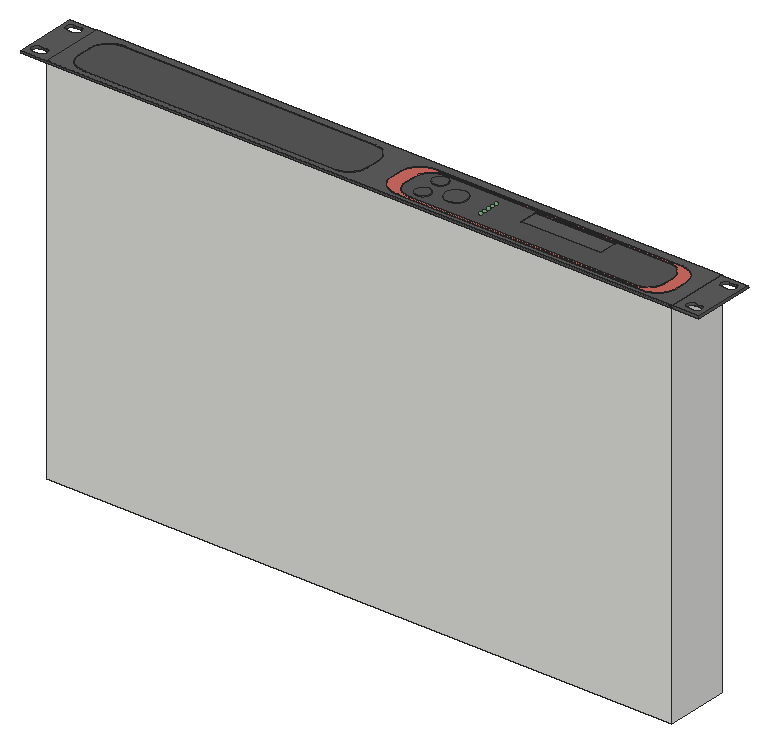
Revit family "Electronics_Fixed-Audio-DSP_Biamp_Tesira_TesiraFORTE_AVB-CI__", category Communication Devices, host Face, Revit 2020
Family settings
  Host = Face
  Maintain Annotation Orientation = No
  Round Connector Dimension = Use Diameter
  Part Type = Normal
  OmniClass Number = 23.85.10.11.11
  OmniClass Title = Sound and Signal Devices
  Cut with Voids When Loaded = No
  Shared = No
  Room Calculation Point = No
Parameters (values of type "AVB CI")
  Width = 19.00"  # constant formula
  Weight = 8.00 lbf  # constant formula
  Voltage = 120 V
  URL = "https://www.biamp.com/"
  Type 2 = yes
  Temperature Range = "32 - 104° F (0 - 40° C)"  # constant formula
  THD+N = "0dB gain, +4dBu input: < 0.006%; 54dB gain, -50dBu input: < 0.040%"  # constant formula
  Sampling Rate = "48kHz\r"  # constant formula
  Sample Rate = "USB 48kHz"  # constant formula
  Product data url = "https://www.bimobject.com/biamp/product/tesiraforte-avb-ci_fixed-audio-dsp"
  Product Page URL = "https://www.biamp.com/products/tesira-fixed-audio-dsp#tesiraforte-avb-ci"
  Product Documentation Link = "https://downloads.biamp.com/assets/docs/default-source/data-sheets/biamp_data_sheet_tesiraforte_avb_ci.pdf"
  Power Factor = 1
  Phantom Power = "+48VDC (7mA/input)\r"  # constant formula
  Output Impedance = "207 ohm"  # constant formula
  Number of Poles = 1
  Number of Channels = "up to 8"  # constant formula
  Maximum Output = "+24dBu, +18dBu, +12dBu, +6dBu, 0dBu, -31dBu"  # constant formula
  Maximum Input = "+24dBu"  # constant formula
  Max Power Consumption = 35 W
  Input Impedance = "8 kohm"  # constant formula
  Input Gain Range = "0-66dB"  # constant formula
  Humidity = "0-98% relative humidity (non-condensing)"  # constant formula
  Housing Material = Biamp - Metal - Silver
  Height = 1.75"  # constant formula
  Frequency Response = "20Hz to 20kHz, +4dBu output: +0.25 dB/-0.5 dB"  # constant formula
  EIN = "no weighting, 22Hz to 22kHz: < -125dBu"  # constant formula
  Dynamic Range = "22Hz to 22kHz, 0dB gain: > 108dB\r"  # constant formula
  Depth = 10.50"  # constant formula
  DAN/AVB = yes
  VoIP+Telephone Line = no
  Type1 = yes
  Model = "TesiraFORTÉ AVB CI"  # constant formula
  Manufacturer = "Biamp"  # constant formula
  Description = "TesiraFORTÉ® AVB CI Fixed I/O DSP"  # constant formula
  Default Elevation = 48.00"
  Cross Talk = "0dB gain, +4dBu input: < -85dB; 54dB gain, -50dBu input: < -75dB"  # constant formula
  Connector Description = "100-240VAC 50/60Hz"
  Compliance = "FCC Part 15B (USA), CE marked (Europe), UL und C-UL listed (USA and Canada), RCM (Australia), RoHS Directive (Europe)"  # constant formula
  Bit Depth = "16- or 24-bit"  # constant formula
  Assembly Code = ""
  Apparent Load = Max Power Consumption / Power Factor  # 35 VA
  Altitude = "0-6,600 ft (0-2000m) MSL"  # constant formula
  A/D - D/A Converters = "24-bit"  # constant formula
Reference planes (in)
  plane 1 "Center (Front/Back)": y = 0
  plane 2: z = 0
  plane 3 "Center (Left/Right)": x = 0
  plane 4: x = 18.35304
  plane 5: y = 0.60831
  plane 6: y = -0.59466
  plane 7: y = -0.86817
  plane 8: y = 0.88183
  plane 9: x = 18.67652
  plane 10: x = -0.32348
Forms (in)
  Extrusion 1, solid, material "Biamp - Plastic - Red", detail levels medium+fine
    sketch origin (9.17652, -0.86817, -5.18699) x (1, 0, 0) y (0, 1, 0)
      loop
        arc (0.91084, 1.51843) -> (0.52967, 1.36054) -> (0.37178, 0.97937) r 0.53906
        line (0.37178, 0.97937) -> (0.37178, 0.67022)
        arc (0.37178, 0.67022) -> (0.52998, 0.28829) -> (0.91192, 0.13009) r 0.54014
        line (0.91192, 0.13009) -> (7.81996, 0.13009)
        arc (7.81996, 0.13009) -> (8.20114, 0.28798) -> (8.35902, 0.66915) r 0.53906
        line (8.35902, 0.66915) -> (8.35902, 0.97937)
        arc (8.35902, 0.97937) -> (8.20114, 1.36054) -> (7.81996, 1.51843) r 0.53906
        line (7.81996, 1.51843) -> (0.91084, 1.51843)
      loop
        line (1.22622, 0.20126) -> (7.54738, 0.20126)
        arc (7.54738, 0.20126) -> (7.87547, 0.33716) -> (8.01138, 0.66526) r 0.464
        line (8.01138, 0.66526) -> (8.01138, 0.95126)
        arc (8.01138, 0.95126) -> (7.86493, 1.30482) -> (7.51138, 1.45126) r 0.5
        line (7.51138, 1.45126) -> (1.22622, 1.45126)
        arc (1.22622, 1.45126) -> (0.89753, 1.31511) -> (0.76138, 0.98642) r 0.46484
        line (0.76138, 0.98642) -> (0.76138, 0.66611)
        arc (0.76138, 0.66611) -> (0.89753, 0.33741) -> (1.22622, 0.20126) r 0.46484
    from 5.24135 to 5.25
  Extrusion 2, solid, material "Biamp - Metal - Black"
    sketch origin (9.17652, -0.86817, -5.18699) x (1, 0, 0) y (0, 1, 0)
      loop
        line (-9.5, 1.75) -> (-9.5, 0) -> (9.5, 0) -> (9.5, 1.75) -> (-9.5, 1.75)
    from 5.18699 to 5.24135
  Extrusion 3, void, detail levels medium+fine
    sketch origin (9.17652, -0.86817, -5.18699) x (1, 0, 0) y (0, 1, 0)
      loop
        arc (9.0994, 1.61097) -> (8.96492, 1.47649) -> (9.0994, 1.342) r 0.13448
        line (9.0994, 1.342) -> (9.25364, 1.342)
        arc (9.25364, 1.342) -> (9.38812, 1.47649) -> (9.25364, 1.61097) r 0.13448
        line (9.25364, 1.61097) -> (9.0994, 1.61097)
      loop
        arc (9.0994, 0.408) -> (8.96492, 0.27351) -> (9.0994, 0.13903) r 0.13448
        line (9.0994, 0.13903) -> (9.25364, 0.13903)
        arc (9.25364, 0.13903) -> (9.38812, 0.27351) -> (9.25364, 0.408) r 0.13448
        line (9.25364, 0.408) -> (9.0994, 0.408)
      loop
        arc (-9.25364, 1.61097) -> (-9.38812, 1.47649) -> (-9.25364, 1.342) r 0.13448
        line (-9.25364, 1.342) -> (-9.0994, 1.342)
        arc (-9.0994, 1.342) -> (-8.96492, 1.47649) -> (-9.0994, 1.61097) r 0.13448
        line (-9.0994, 1.61097) -> (-9.25364, 1.61097)
      loop
        arc (-9.25364, 0.408) -> (-9.38812, 0.27351) -> (-9.25364, 0.13903) r 0.13448
        line (-9.25364, 0.13903) -> (-9.0994, 0.13903)
        arc (-9.0994, 0.13903) -> (-8.96492, 0.27351) -> (-9.0994, 0.408) r 0.13448
        line (-9.0994, 0.408) -> (-9.25364, 0.408)
    from 5.18699 to 5.24135
  Extrusion 4, solid, material "Biamp - Glass - Gray", detail levels medium+fine
    sketch origin (9.17652, -0.86817, -5.18699) x (1, 0, 0) y (0, 1, 0)
      loop
        line (3.83453, 0.85955) -> (6.08453, 0.85955) -> (6.08453, 1.3833) -> (3.83453, 1.3833) -> (3.83453, 0.85955)
    from 5.24135 to 5.25
  Extrusion 5, solid, material "Biamp - Plastic - Black", detail levels medium+fine
    sketch origin (9.17652, -0.86817, -5.18699) x (1, 0, 0) y (0, 1, 0)
      loop
        arc (1.22622, 1.45126) -> (0.89753, 1.31511) -> (0.76138, 0.98642) r 0.46484
        line (0.76138, 0.98642) -> (0.76138, 0.66611)
        arc (0.76138, 0.66611) -> (0.89753, 0.33741) -> (1.22622, 0.20126) r 0.46484
        line (1.22622, 0.20126) -> (7.54738, 0.20126)
        arc (7.54738, 0.20126) -> (7.87547, 0.33716) -> (8.01138, 0.66526) r 0.464
        line (8.01138, 0.66526) -> (8.01138, 0.95126)
        arc (8.01138, 0.95126) -> (7.86493, 1.30482) -> (7.51138, 1.45126) r 0.5
        line (7.51138, 1.45126) -> (1.22622, 1.45126)
      loop
        line (3.83453, 0.85955) -> (6.08453, 0.85955) -> (6.08453, 1.3833) -> (3.83453, 1.3833) -> (3.83453, 0.85955)
    from 5.24135 to 5.24805
  Extrusion 6, solid, material "Biamp - Metal - Black", detail levels medium+fine
    sketch origin (9.17652, -0.86817, -5.18699) x (1, 0, 0) y (0, 1, 0)
      loop
        line (-8.75742, 1.75) -> (-8.75742, 0) -> (8.75742, 0) -> (8.75742, 1.75) -> (-8.75742, 1.75)
      loop
        line (8.35902, 0.66915) -> (8.35902, 0.97937)
        arc (8.35902, 0.97937) -> (8.20114, 1.36054) -> (7.81996, 1.51843) r 0.53906
        line (7.81996, 1.51843) -> (0.91084, 1.51843)
        arc (0.91084, 1.51843) -> (0.52967, 1.36054) -> (0.37178, 0.97937) r 0.53906
        line (0.37178, 0.97937) -> (0.37178, 0.67022)
        arc (0.37178, 0.67022) -> (0.52998, 0.28829) -> (0.91192, 0.13009) r 0.54014
        line (0.91192, 0.13009) -> (7.81996, 0.13009)
        arc (7.81996, 0.13009) -> (8.20114, 0.28798) -> (8.35902, 0.66915) r 0.53906
      loop
        line (-0.80003, 1.5425) -> (-7.86956, 1.5425)
        arc (-7.86956, 1.5425) -> (-8.22311, 1.39606) -> (-8.36956, 1.0425) r 0.5
        line (-8.36956, 1.0425) -> (-8.36956, 0.64195)
        arc (-8.36956, 0.64195) -> (-8.22311, 0.2884) -> (-7.86956, 0.14195) r 0.5
        line (-7.86956, 0.14195) -> (-0.80003, 0.14195)
        arc (-0.80003, 0.14195) -> (-0.44647, 0.2884) -> (-0.30003, 0.64195) r 0.5
        line (-0.30003, 0.64195) -> (-0.30003, 1.0425)
        arc (-0.30003, 1.0425) -> (-0.44647, 1.39606) -> (-0.80003, 1.5425) r 0.5
    from 5.24135 to 5.25
  Extrusion 7, solid, material "Biamp - Plastic - Black(Grid)", detail levels medium+fine
    sketch origin (9.17652, -0.86817, -5.18699) x (1, 0, 0) y (0, 1, 0)
      loop
        arc (-7.86956, 1.5425) -> (-8.22311, 1.39606) -> (-8.36956, 1.0425) r 0.5
        line (-8.36956, 1.0425) -> (-8.36956, 0.64195)
        arc (-8.36956, 0.64195) -> (-8.22311, 0.2884) -> (-7.86956, 0.14195) r 0.5
        line (-7.86956, 0.14195) -> (-0.80003, 0.14195)
        arc (-0.80003, 0.14195) -> (-0.44647, 0.2884) -> (-0.30003, 0.64195) r 0.5
        line (-0.30003, 0.64195) -> (-0.30003, 1.0425)
        arc (-0.30003, 1.0425) -> (-0.44647, 1.39606) -> (-0.80003, 1.5425) r 0.5
        line (-0.80003, 1.5425) -> (-7.86956, 1.5425)
    from 5.24135 to 5.25
  Extrusion 8, solid, material "Biamp - Metal - Silver" <- "Housing Material"
    sketch origin (9.17652, -0.86817, -5.18699) x (1, 0, 0) y (0, 0, -1)
      loop
        line (-8.75742, 5.25) -> (-8.75742, -5.18699) -> (8.75742, -5.18699) -> (8.75742, 5.25) -> (-8.75742, 5.25)
    from 0 to 1.75
  Extrusion 9, solid, material "Biamp - Metal - Silver" <- "Housing Material", visible <- "Type1"
    sketch origin (9.17652, -0.86817, -5.18699) x (1, 0, 0) y (0, 1, 0)
      loop
        line (6.99083, 1.52401) -> (6.99083, 0.59433) -> (8.24083, 0.59433) -> (8.24083, 1.52401) -> (6.99083, 1.52401)
      loop
        line (6.26249, 0.22588) -> (6.26249, 0.78659) -> (5.55775, 0.78659) -> (5.55775, 0.22588) -> (6.26249, 0.22588)
      loop
        line (3.15045, 0.26348) -> (3.23229, 0.72758) -> (2.37912, 0.72758) -> (2.46096, 0.26348) -> (3.15045, 0.26348)
      loop
        line (1.96267, 0.22749) -> (1.96267, 0.70184) -> (1.42474, 0.70184) -> (1.42474, 0.22749) -> (1.96267, 0.22749)
      loop
        line (0.16865, 0.53988) -> (-0.7835, 0.53988) -> (-0.7835, 0.22373) -> (0.16865, 0.22373) -> (0.16865, 0.53988)
      loop
        line (-4.9886, 1.33802) -> (-5.65288, 1.33802) -> (-5.65288, 0.88089) -> (-4.9886, 0.88089) -> (-4.9886, 1.33802)
      loop
        line (-5.96289, 1.33802) -> (-6.62717, 1.33802) -> (-6.62717, 0.88089) -> (-5.96289, 0.88089) -> (-5.96289, 1.33802)
      loop
        line (-6.93718, 1.33802) -> (-7.60145, 1.33802) -> (-7.60145, 0.88089) -> (-6.93718, 0.88089) -> (-6.93718, 1.33802)
      loop
        line (-7.91147, 1.33802) -> (-8.57574, 1.33802) -> (-8.57574, 0.88089) -> (-7.91147, 0.88089) -> (-7.91147, 1.33802)
      loop
        line (-5.65288, 0.68086) -> (-5.65288, 0.22373) -> (-4.9886, 0.22373) -> (-4.9886, 0.68086) -> (-5.65288, 0.68086)
      loop
        line (-5.96289, 0.68086) -> (-6.62717, 0.68086) -> (-6.62717, 0.22373) -> (-5.96289, 0.22373) -> (-5.96289, 0.68086)
      loop
        line (-6.93718, 0.22373) -> (-6.93718, 0.68086) -> (-7.60145, 0.68086) -> (-7.60145, 0.22373) -> (-6.93718, 0.22373)
      loop
        line (-7.91147, 0.22373) -> (-7.91147, 0.68086) -> (-8.57574, 0.68086) -> (-8.57574, 0.22373) -> (-7.91147, 0.22373)
    from -5.26366 to -5.25
  Extrusion 10, solid, material "Biamp - Metal - Silver" <- "Housing Material", visible <- "DAN/AVB"
    sketch origin (9.17652, -0.86817, -5.18699) x (1, 0, 0) y (0, 1, 0)
      loop
        line (5.02811, 0.22588) -> (5.02811, 0.78659) -> (4.32337, 0.78659) -> (4.32337, 0.22588) -> (5.02811, 0.22588)
    from -5.26366 to -5.25
  Extrusion 11, solid, material "Biamp - Metal - Silver" <- "Housing Material", visible <- "Type 2"
    sketch origin (9.17652, -0.86817, -5.18699) x (1, 0, 0) y (0, 1, 0)
      loop
        line (2.80571, 1.33802) -> (2.14143, 1.33802) -> (2.14143, 0.88089) -> (2.80571, 0.88089) -> (2.80571, 1.33802)
      loop
        line (1.83142, 1.33802) -> (1.16714, 1.33802) -> (1.16714, 0.88089) -> (1.83142, 0.88089) -> (1.83142, 1.33802)
      loop
        line (0.85713, 0.88089) -> (0.85713, 1.33802) -> (0.19286, 1.33802) -> (0.19286, 0.88089) -> (0.85713, 0.88089)
      loop
        line (-0.11716, 1.33802) -> (-0.78143, 1.33802) -> (-0.78143, 0.88089) -> (-0.11716, 0.88089) -> (-0.11716, 1.33802)
      loop
        line (-1.09145, 1.33802) -> (-1.75572, 1.33802) -> (-1.75572, 0.88089) -> (-1.09145, 0.88089) -> (-1.09145, 1.33802)
      loop
        line (-2.06574, 0.88089) -> (-2.06574, 1.33802) -> (-2.73001, 1.33802) -> (-2.73001, 0.88089) -> (-2.06574, 0.88089)
      loop
        line (-3.04003, 0.88089) -> (-3.04003, 1.33802) -> (-3.7043, 1.33802) -> (-3.7043, 0.88089) -> (-3.04003, 0.88089)
      loop
        line (-3.04003, 0.68086) -> (-3.7043, 0.68086) -> (-3.7043, 0.22373) -> (-3.04003, 0.22373) -> (-3.04003, 0.68086)
      loop
        line (-4.01432, 0.22373) -> (-4.01432, 0.68086) -> (-4.67859, 0.68086) -> (-4.67859, 0.22373) -> (-4.01432, 0.22373)
      loop
        line (-4.67859, 0.88089) -> (-4.01432, 0.88089) -> (-4.01432, 1.33802) -> (-4.67859, 1.33802) -> (-4.67859, 0.88089)
      loop
        line (-2.73001, 0.68086) -> (-2.73001, 0.22373) -> (-2.06574, 0.22373) -> (-2.06574, 0.68086) -> (-2.73001, 0.68086)
      loop
        line (-1.75572, 0.68086) -> (-1.75572, 0.22373) -> (-1.09145, 0.22373) -> (-1.09145, 0.68086) -> (-1.75572, 0.68086)
    from -5.26366 to -5.25
  Extrusion 12, solid, material "Biamp - Plastic - Black", detail levels fine
    sketch origin (0, 0, 0) x (1, 0, 0) y (0, 1, 0)
      loop
        circle (10.50753, 0.30721) r 0.2
      loop
        circle (10.50753, -0.30721) r 0.2
      loop
        circle (11.19836, 0) r 0.29
    from 0 to 0.06301
  Revolve 13, solid, material "Biamp - Plastic - Green", detail levels fine
    sketch origin (12.10249, -1.02037, -5.09642) x (0, 1, 0) y (0, 0, 1)
      loop
        arc (1.33717, 5.15748) -> (1.29771, 5.19694) -> (1.25824, 5.15748) r 0.03946
        line (1.25824, 5.15748) -> (1.33717, 5.15748)
      loop
        arc (1.19785, 5.15748) -> (1.15839, 5.19694) -> (1.11892, 5.15748) r 0.03946
        line (1.11892, 5.15748) -> (1.19785, 5.15748)
      loop
        arc (1.05983, 5.15748) -> (1.02037, 5.19694) -> (0.9809, 5.15748) r 0.03946
        line (0.9809, 5.15748) -> (1.05983, 5.15748)
      loop
        arc (0.92095, 5.15748) -> (0.88149, 5.19694) -> (0.84202, 5.15748) r 0.03946
        line (0.84202, 5.15748) -> (0.92095, 5.15748)
      loop
        arc (0.78497, 5.15748) -> (0.7455, 5.19694) -> (0.70604, 5.15748) r 0.03946
        line (0.70604, 5.15748) -> (0.78497, 5.15748)
      axis (1.33717, 5.15748) -> (0.70604, 5.15748)
    angle from 270 to 450
Cuts and joins
  Extrusion 3 cuts Extrusion 2
Lines and regions (in)
  Masking region 1
    outline origin (0, 0, 0) x (1, 0, 0) y (0, 0, 1)
      loop
        line (-0.32348, 0) -> (0.4191, 0) -> (0.4191, -10.43699) -> (17.93394, -10.43699) -> (17.93394, 0) -> (18.67652, 0) -> (18.67652, 0.06301) -> (-0.32348, 0.06301) -> (-0.32348, 0)
  symbolic lines
    curve 1: line (-0.32348, 0, 0) -> (18.67652, 0, 0)
Dimensions and locks (in)
  aligned and locked: plane 2 to host face
  aligned and locked: level to host face
Connectors (in)
  electrical at (16.79235, 0.191, -10.45064), driven by "Number of Poles", driven by "Voltage", driven by "Apparent Load", driven by "Power Factor", driven by "Connector Description"
    settings: on Extrusion 9, index 1, voltage 120 V, apparent load 0 VA, apparent load phase1 35 VA, apparent load phase2 0 VA, apparent load phase3 0 VA, power factor 1, load classification "Other", number of poles 1, system type 31, power factor state 1, is connector primary yes, connector utility no, sub classification motor no, connector description "100-240VAC 50/60Hz"
  electrical at (15.08664, -0.36194, -10.45064)
    settings: on Extrusion 9, index 2, voltage 0 V, apparent load 0 VA, apparent load phase1 0 VA, apparent load phase2 0 VA, apparent load phase3 0 VA, power factor 1, load classification "Other", number of poles 1, system type 5, power factor state 1, is connector primary no, connector utility no, sub classification motor no, connector description "RJ-45; Network control connector"
  electrical at (13.85226, -0.36194, -10.45064)
    settings: on Extrusion 10, index 3, voltage 0 V, apparent load 0 VA, apparent load phase1 0 VA, apparent load phase2 0 VA, apparent load phase3 0 VA, power factor 1, load classification "Other", number of poles 1, system type 5, power factor state 1, is connector primary no, connector utility no, sub classification motor no, connector description "RJ-45; AVB"
  electrical at (11.98222, -0.37264, -10.45064)
    settings: on Extrusion 9, index 4, voltage 0 V, apparent load 0 VA, apparent load phase1 0 VA, apparent load phase2 0 VA, apparent load phase3 0 VA, power factor 1, load classification "Other", number of poles 1, system type 5, power factor state 1, is connector primary no, connector utility no, sub classification motor no, connector description "RS-232; Serial Port"
  electrical at (11.65009, 0.24129, -10.45064)
    settings: on Extrusion 11, index 5, voltage 0 V, apparent load 0 VA, apparent load phase1 0 VA, apparent load phase2 0 VA, apparent load phase3 0 VA, power factor 1, load classification "Other", number of poles 1, system type 5, power factor state 1, is connector primary no, connector utility no, sub classification motor no, connector description "Analog Input"
  electrical at (10.6758, 0.24129, -10.45064)
    settings: on Extrusion 11, index 6, voltage 0 V, apparent load 0 VA, apparent load phase1 0 VA, apparent load phase2 0 VA, apparent load phase3 0 VA, power factor 1, load classification "Other", number of poles 1, system type 5, power factor state 1, is connector primary no, connector utility no, sub classification motor no, connector description "Analog Input"
  electrical at (9.70151, 0.24129, -10.45064)
    settings: on Extrusion 11, index 7, voltage 0 V, apparent load 0 VA, apparent load phase1 0 VA, apparent load phase2 0 VA, apparent load phase3 0 VA, power factor 1, load classification "Other", number of poles 1, system type 5, power factor state 1, is connector primary no, connector utility no, sub classification motor no, connector description "Analog Input"
  electrical at (8.72722, 0.24129, -10.45064)
    settings: on Extrusion 11, index 8, voltage 0 V, apparent load 0 VA, apparent load phase1 0 VA, apparent load phase2 0 VA, apparent load phase3 0 VA, power factor 1, load classification "Other", number of poles 1, system type 5, power factor state 1, is connector primary no, connector utility no, sub classification motor no, connector description "Analog Input"
  electrical at (7.75293, 0.24129, -10.45064)
    settings: on Extrusion 11, index 9, voltage 0 V, apparent load 0 VA, apparent load phase1 0 VA, apparent load phase2 0 VA, apparent load phase3 0 VA, power factor 1, load classification "Other", number of poles 1, system type 5, power factor state 1, is connector primary no, connector utility no, sub classification motor no, connector description "Analog Input"
  electrical at (6.77864, 0.24129, -10.45064)
    settings: on Extrusion 11, index 10, voltage 0 V, apparent load 0 VA, apparent load phase1 0 VA, apparent load phase2 0 VA, apparent load phase3 0 VA, power factor 1, load classification "Other", number of poles 1, system type 5, power factor state 1, is connector primary no, connector utility no, sub classification motor no, connector description "Analog Input"
  electrical at (5.80436, 0.24129, -10.45064)
    settings: on Extrusion 11, index 11, voltage 0 V, apparent load 0 VA, apparent load phase1 0 VA, apparent load phase2 0 VA, apparent load phase3 0 VA, power factor 1, load classification "Other", number of poles 1, system type 5, power factor state 1, is connector primary no, connector utility no, sub classification motor no, connector description "Analog Input"
  electrical at (4.83007, 0.24129, -10.45064)
    settings: on Extrusion 11, index 12, voltage 0 V, apparent load 0 VA, apparent load phase1 0 VA, apparent load phase2 0 VA, apparent load phase3 0 VA, power factor 1, load classification "Other", number of poles 1, system type 5, power factor state 1, is connector primary no, connector utility no, sub classification motor no, connector description "Analog Input"
  electrical at (3.85578, 0.24129, -10.45064)
    settings: on Extrusion 9, index 13, voltage 0 V, apparent load 0 VA, apparent load phase1 0 VA, apparent load phase2 0 VA, apparent load phase3 0 VA, power factor 1, load classification "Other", number of poles 1, system type 5, power factor state 1, is connector primary no, connector utility no, sub classification motor no, connector description "Analog Input"
  electrical at (2.88149, 0.24129, -10.45064)
    settings: on Extrusion 9, index 14, voltage 0 V, apparent load 0 VA, apparent load phase1 0 VA, apparent load phase2 0 VA, apparent load phase3 0 VA, power factor 1, load classification "Other", number of poles 1, system type 5, power factor state 1, is connector primary no, connector utility no, sub classification motor no, connector description "Analog Input"
  electrical at (1.9072, 0.24129, -10.45064)
    settings: on Extrusion 9, index 15, voltage 0 V, apparent load 0 VA, apparent load phase1 0 VA, apparent load phase2 0 VA, apparent load phase3 0 VA, power factor 1, load classification "Other", number of poles 1, system type 5, power factor state 1, is connector primary no, connector utility no, sub classification motor no, connector description "Analog Input"
  electrical at (0.93291, 0.24129, -10.45064)
    settings: on Extrusion 9, index 16, voltage 0 V, apparent load 0 VA, apparent load phase1 0 VA, apparent load phase2 0 VA, apparent load phase3 0 VA, power factor 1, load classification "Other", number of poles 1, system type 5, power factor state 1, is connector primary no, connector utility no, sub classification motor no, connector description "Analog Input"
  electrical at (0.93291, -0.41588, -10.45064)
    settings: on Extrusion 9, index 17, voltage 0 V, apparent load 0 VA, apparent load phase1 0 VA, apparent load phase2 0 VA, apparent load phase3 0 VA, power factor 1, load classification "Other", number of poles 1, system type 5, power factor state 1, is connector primary no, connector utility no, sub classification motor no, connector description "Analog Output"
  electrical at (1.9072, -0.41588, -10.45064)
    settings: on Extrusion 9, index 18, voltage 0 V, apparent load 0 VA, apparent load phase1 0 VA, apparent load phase2 0 VA, apparent load phase3 0 VA, power factor 1, load classification "Other", number of poles 1, system type 5, power factor state 1, is connector primary no, connector utility no, sub classification motor no, connector description "Analog Output"
  electrical at (2.88149, -0.41588, -10.45064)
    settings: on Extrusion 9, index 19, voltage 0 V, apparent load 0 VA, apparent load phase1 0 VA, apparent load phase2 0 VA, apparent load phase3 0 VA, power factor 1, load classification "Other", number of poles 1, system type 5, power factor state 1, is connector primary no, connector utility no, sub classification motor no, connector description "Analog Output"
  electrical at (3.85578, -0.41588, -10.45064)
    settings: on Extrusion 9, index 20, voltage 0 V, apparent load 0 VA, apparent load phase1 0 VA, apparent load phase2 0 VA, apparent load phase3 0 VA, power factor 1, load classification "Other", number of poles 1, system type 5, power factor state 1, is connector primary no, connector utility no, sub classification motor no, connector description "Analog Output"
  electrical at (4.83007, -0.41588, -10.45064)
    settings: on Extrusion 11, index 21, voltage 0 V, apparent load 0 VA, apparent load phase1 0 VA, apparent load phase2 0 VA, apparent load phase3 0 VA, power factor 1, load classification "Other", number of poles 1, system type 5, power factor state 1, is connector primary no, connector utility no, sub classification motor no, connector description "Analog Output"
  electrical at (5.80436, -0.41588, -10.45064)
    settings: on Extrusion 11, index 22, voltage 0 V, apparent load 0 VA, apparent load phase1 0 VA, apparent load phase2 0 VA, apparent load phase3 0 VA, power factor 1, load classification "Other", number of poles 1, system type 5, power factor state 1, is connector primary no, connector utility no, sub classification motor no, connector description "Analog Output"
  electrical at (6.77864, -0.41588, -10.45064)
    settings: on Extrusion 11, index 23, voltage 0 V, apparent load 0 VA, apparent load phase1 0 VA, apparent load phase2 0 VA, apparent load phase3 0 VA, power factor 1, load classification "Other", number of poles 1, system type 5, power factor state 1, is connector primary no, connector utility no, sub classification motor no, connector description "Analog Output"
  electrical at (7.75293, -0.41588, -10.45064)
    settings: on Extrusion 11, index 24, voltage 0 V, apparent load 0 VA, apparent load phase1 0 VA, apparent load phase2 0 VA, apparent load phase3 0 VA, power factor 1, load classification "Other", number of poles 1, system type 5, power factor state 1, is connector primary no, connector utility no, sub classification motor no, connector description "Analog Output"
  electrical at (8.8691, -0.48637, -10.45064)
    settings: on Extrusion 9, index 25, voltage 0 V, apparent load 0 VA, apparent load phase1 0 VA, apparent load phase2 0 VA, apparent load phase3 0 VA, power factor 1, load classification "Other", number of poles 1, system type 5, power factor state 1, is connector primary no, connector utility no, sub classification motor no, connector description "GPIO; Logic I/O"
  electrical at (10.87022, -0.4035, -10.45064)
    settings: on Extrusion 9, index 26, voltage 0 V, apparent load 0 VA, apparent load phase1 0 VA, apparent load phase2 0 VA, apparent load phase3 0 VA, power factor 1, load classification "Other", number of poles 1, system type 5, power factor state 1, is connector primary no, connector utility no, sub classification motor no, connector description "USB"
